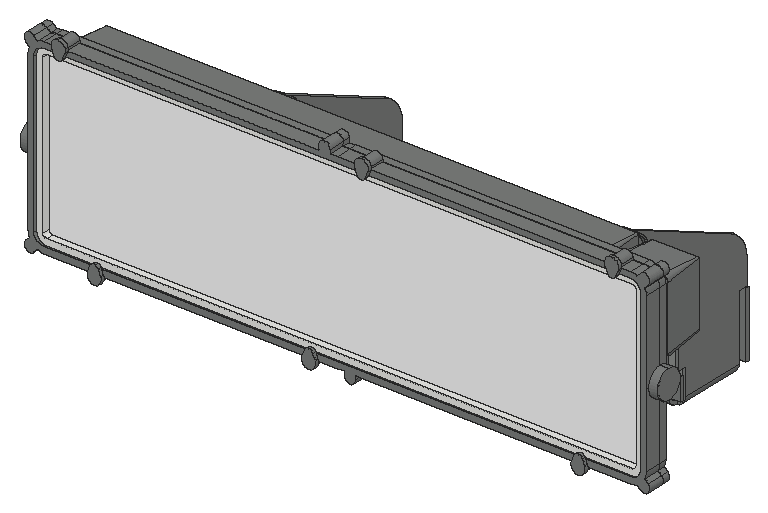
Revit family "Zumtobel ALTIS GEN5 1 Module", category Lighting Fixtures, host Face, Revit 2023 (continued)
Definition of nested family "Thorn ALTIS GEN5 Gearbox-Premium-class C5 with NTC"
  Forms (mm)
    Extrusion 13, solid
      from 38.439 to 18.439
    Extrusion 14, solid
      sketch origin (-960.698, -250, 1219.2) x (-1, 0, 0) y (0, 0, -1)
        loop
          line (-943.698, 1139.256) -> (-931.698, 1132.328) -> (-919.698, 1139.256) -> (-919.698, 1153.112) -> (-931.698, 1160.041) -> (-943.698, 1153.112) -> (-943.698, 1139.256)
      from 29.439 to 13.439
    Revolve 15, solid
      sketch origin (-4.978, -4572, 198.208) x (0, 0, 1) y (0, -1, 0)
        loop
          line (-156.879, -4321.561) -> (-156.879, -4315.561)
          arc (-156.879, -4315.561) -> (-157.172, -4314.854) -> (-157.879, -4314.561) r 1
          line (-157.879, -4314.561) -> (-159.379, -4314.561) -> (-159.379, -4309.061) -> (-167.379, -4309.061) -> (-167.379, -4313.561) -> (-167.379, -4321.561) -> (-156.879, -4321.561)
        loop
          line (-164.379, -4297.561) -> (-158.504, -4297.561) -> (-158.504, -4295.561)
          arc (-158.504, -4295.561) -> (-159.09, -4294.147) -> (-160.504, -4293.561) r 2
          line (-160.504, -4293.561) -> (-164.379, -4293.561) -> (-164.379, -4297.561)
        axis (-167.379, -4321.561) -> (-167.379, -4293.561)
      angle from 0 to 360
    Revolve 16, solid
      sketch origin (-36.098, -4572, 198.208) x (0, 0, 1) y (0, -1, 0)
        loop
          line (-156.879, -4321.561) -> (-156.879, -4315.561)
          arc (-156.879, -4315.561) -> (-157.172, -4314.854) -> (-157.879, -4314.561) r 1
          line (-157.879, -4314.561) -> (-159.379, -4314.561) -> (-159.379, -4309.061) -> (-167.379, -4309.061) -> (-167.379, -4313.561) -> (-167.379, -4321.561) -> (-156.879, -4321.561)
        loop
          line (-164.379, -4297.561) -> (-158.504, -4297.561) -> (-158.504, -4295.561)
          arc (-158.504, -4295.561) -> (-159.09, -4294.147) -> (-160.504, -4293.561) r 2
          line (-160.504, -4293.561) -> (-164.379, -4293.561) -> (-164.379, -4297.561)
        axis (-167.379, -4321.561) -> (-167.379, -4293.561)
      angle from 0 to 360
    Extrusion 17, solid
      sketch origin (-960.698, -250, 1219.2) x (-1, 0, 0) y (0, 0, -1)
        loop
          line (-935.1, 1188.372) -> (-929.85, 1179.279) -> (-919.35, 1179.279) -> (-914.1, 1188.372) -> (-919.35, 1197.465) -> (-929.85, 1197.465) -> (-935.1, 1188.372)
        loop
          line (-966.22, 1188.372) -> (-960.97, 1179.279) -> (-950.47, 1179.279) -> (-945.22, 1188.372) -> (-950.47, 1197.465) -> (-960.97, 1197.465) -> (-966.22, 1188.372)
      from 12.939 to 24.439
    Extrusion 18, solid, material <- "Material Housing"
      sketch origin (-960.698, -250, 1219.2) x (-1, 0, 0) y (0, 0, -1)
        loop
          arc (-930.207, 1201.2) -> (-924.6, 1174.372) -> (-918.993, 1201.2) r 14
          line (-918.993, 1201.2) -> (-930.207, 1201.2)
        loop
          arc (-961.327, 1201.2) -> (-955.72, 1174.372) -> (-950.113, 1201.2) r 14
          line (-950.113, 1201.2) -> (-961.327, 1201.2)
        loop
          arc (-1002.577, 1201.2) -> (-996.97, 1174.372) -> (-991.363, 1201.2) r 14
          line (-991.363, 1201.2) -> (-1002.577, 1201.2)
        loop
          arc (-1002.142, 1199.2) -> (-996.97, 1176.372) -> (-991.798, 1199.2) r 12
          line (-991.798, 1199.2) -> (-1002.142, 1199.2)
      from -7 to 0.439
    Extrusion 19, solid, material <- "Material Housing"
      sketch origin (-960.698, -250, 1219.2) x (-1, 0, 0) y (0, 0, -1)
        loop
          circle (-996.97, 1188.372) r 8
      from 0.439 to -7
  Cuts and joins
    joined: Extrusion 2, Extrusion 3
    Extrusion 5, Extrusion 8 cuts Blend 4
    joined: Blend 4, Extrusion 11, Extrusion 12, Extrusion 18, Extrusion 19
    joined: Extrusion 6, Extrusion 7
  Dimensions and locks
    equal spacing: plane 4, plane 3 "Center (Left/Right)", plane 5
    "Luminaire Width": plane 4 to plane 5
    equal spacing: plane 7, plane 1 "Center (Front/Back)", plane 6
    "Luminaire Length": plane 7 to plane 6
    "Luminaire Height": plane 8 to level
    plane 3 "Center (Left/Right)" to plane 9 = 29 mm
    aligned and locked: plane 2 to Extrusion 1
    aligned and locked: level to Extrusion 1
    aligned and locked: Extrusion 2 sketch curve to plane 6
    aligned and locked: plane 4 to Extrusion 2 sketch curve
    aligned and locked: Extrusion 2 sketch curve to plane 7
    aligned and locked: plane 5 to Extrusion 2 sketch curve
    aligned and locked: plane 8 to Blend 4
  Automatic sketch dimensions
    Extrusion 1 sketch curve to Extrusion 1 sketch curve = 2438.4 mm  (x2)
    plane 7 to Extrusion 2 sketch curve = 0 mm
    Extrusion 2 sketch curve to plane 6 = 0 mm
    plane 4 to Extrusion 2 sketch curve = 10 mm
    Extrusion 2 sketch curve to Extrusion 2 sketch curve = 10 mm
    Extrusion 2 sketch curve to Extrusion 2 sketch curve = 11.5 mm  (x2)
    plane 5 to Extrusion 2 sketch curve = 21.5 mm  (x2)
    plane 5 to Extrusion 2 sketch curve = 10 mm  (x2)
    Extrusion 2 sketch curve to Extrusion 2 sketch curve = 15 mm  (x2)
    Extrusion 3 sketch curve to plane 4 = 0 mm
    Extrusion 3 sketch curve to plane 6 = 0 mm
    plane 7 to Extrusion 3 sketch curve = 0 mm
    Extrusion 3 sketch curve to plane 5 = 0 mm
    Extrusion 3 sketch curve to Extrusion 3 sketch curve = 9.5 mm  (x2)
    Extrusion 3 sketch curve to Extrusion 3 sketch curve = 7 mm  (x4)
    plane 5 to Extrusion 3 sketch curve = 16.5 mm  (x2)
    Extrusion 3 sketch curve to plane 7 = 11.5 mm
    Extrusion 3 sketch curve to Extrusion 3 sketch curve = 11.5 mm
    Extrusion 3 sketch curve to plane 6 = 20 mm  (x2)
    Blend 4 sketch curve to plane 3 "Center (Left/Right)" = 0 mm  (x4)
    Blend 4 sketch curve to plane 7 = 9 mm  (x3)
    Blend 4 sketch curve to plane 9 = 21 mm  (x4)
    Blend 4 sketch curve to plane 6 = 3 mm
    Blend 4 sketch curve to Blend 4 sketch curve = 6 mm  (x4)
    Blend 4 sketch curve to Blend 4 sketch curve = 2.132 mm  (x8)
    Blend 4 sketch curve to Blend 4 sketch curve = 5 mm  (x8)
    Blend 4 sketch curve to Blend 4 sketch curve = 3.868 mm  (x4)
    Blend 4 sketch curve to Blend 4 sketch curve = 1.721 mm  (x10)
    Blend 4 sketch curve to Blend 4 sketch curve = 1.279 mm  (x8)
    Blend 4 sketch curve to Blend 4 sketch curve = 3 mm  (x4)
    Blend 4 sketch curve to Blend 4 sketch curve = 0.721 mm  (x4)
    Blend 4 sketch curve to Blend 4 sketch curve = 3.589 mm  (x4)
    plane 4 to Blend 4 sketch curve = 3 mm
    plane 5 to Blend 4 sketch curve = 25 mm  (x4)
    plane 5 to Blend 4 sketch curve = 3 mm
    Blend 4 sketch curve to Blend 4 sketch curve = 5.881 mm  (x4)
    Blend 4 sketch curve to Blend 4 sketch curve = 3.913 mm  (x8)
    Blend 4 sketch curve to Blend 4 sketch curve = 3.59 mm  (x8)
    Blend 4 sketch curve to Blend 4 sketch curve = 2.513 mm  (x8)
    Blend 4 sketch curve to Blend 4 sketch curve = 29.004 mm  (x4)
    Blend 4 sketch curve to plane 6 = 5 mm
    Blend 4 sketch curve to Blend 4 sketch curve = 4 mm  (x2)
    Blend 4 sketch curve to Blend 4 sketch curve = 2.985 mm  (x4)
    Blend 4 sketch curve to Blend 4 sketch curve = 4.015 mm
    Blend 4 sketch curve to Blend 4 sketch curve = 7 mm  (x3)
    Blend 4 sketch curve to Blend 4 sketch curve = 5.015 mm  (x4)
    Blend 4 sketch curve to Blend 4 sketch curve = 0.574 mm  (x4)
    Blend 4 sketch curve to Blend 4 sketch curve = 1 mm  (x3)
    Blend 4 sketch curve to Blend 4 sketch curve = 1.868 mm  (x4)
    Blend 4 sketch curve to plane 6 = 9 mm
    Blend 4 sketch curve to Blend 4 sketch curve = 0.426 mm
    Extrusion 5 sketch curve to plane 4 = 0 mm
    Extrusion 5 sketch curve to plane 5 = 0 mm
    plane 7 to Extrusion 5 sketch curve = 0 mm
    Extrusion 5 sketch curve to Extrusion 5 sketch curve = 77 mm
    Extrusion 6 sketch curve to plane 3 "Center (Left/Right)" = 0 mm
    Extrusion 6 sketch curve to plane 7 = 4.49 mm
    Extrusion 6 sketch curve to plane 9 = 21 mm
    Extrusion 6 sketch curve to Extrusion 6 sketch curve = 4.51 mm
    Extrusion 6 sketch curve to Extrusion 6 sketch curve = 2.768 mm  (x2)
    Extrusion 6 sketch curve to Extrusion 6 sketch curve = 3.723 mm  (x2)
    Extrusion 6 sketch curve to Extrusion 6 sketch curve = 4.723 mm  (x2)
    Extrusion 6 sketch curve to Extrusion 6 sketch curve = 0.866 mm  (x2)
    Extrusion 6 sketch curve to Extrusion 6 sketch curve = 0.644 mm  (x2)
    Extrusion 6 sketch curve to Extrusion 6 sketch curve = 1.915 mm  (x2)
    Extrusion 6 sketch curve to Extrusion 6 sketch curve = 1.575 mm  (x2)
    Extrusion 6 sketch curve to Extrusion 6 sketch curve = 2.575 mm  (x2)
    Extrusion 6 sketch curve to Extrusion 6 sketch curve = 2.013 mm  (x2)
    plane 4 to Extrusion 6 sketch curve = 4.49 mm
    Extrusion 6 sketch curve to plane 7 = 9 mm
    plane 5 to Extrusion 6 sketch curve = 25 mm
    plane 5 to Extrusion 6 sketch curve = 4.49 mm
    Extrusion 6 sketch curve to Extrusion 6 sketch curve = 5.881 mm  (x2)
    Extrusion 6 sketch curve to Extrusion 6 sketch curve = 3.913 mm  (x2)
    Extrusion 6 sketch curve to Extrusion 6 sketch curve = 3.59 mm  (x2)
    Extrusion 6 sketch curve to Extrusion 6 sketch curve = 2.513 mm  (x2)
    Extrusion 6 sketch curve to Extrusion 6 sketch curve = 38.996 mm
    Extrusion 7 sketch curve to plane 3 "Center (Left/Right)" = 0 mm  (x2)
    Extrusion 7 sketch curve to plane 9 = 10.615 mm
    Extrusion 7 sketch curve to Extrusion 7 sketch curve = 3.536 mm  (x9)
    Extrusion 7 sketch curve to plane 9 = 19.623 mm
    Extrusion 7 sketch curve to Extrusion 7 sketch curve = 9.327 mm  (x4)
    Extrusion 7 sketch curve to Extrusion 7 sketch curve = 0.795 mm  (x2)
    Extrusion 7 sketch curve to Extrusion 7 sketch curve = 10.377 mm  (x4)
    Extrusion 7 sketch curve to Extrusion 7 sketch curve = 0 mm  (x2)
    Extrusion 7 sketch curve to Extrusion 7 sketch curve = 4.33 mm  (x2)
    Extrusion 7 sketch curve to Extrusion 7 sketch curve = 1.464 mm  (x3)
    Extrusion 7 sketch curve to plane 7 = 17 mm
    plane 5 to Extrusion 7 sketch curve = 35.385 mm
    Extrusion 7 sketch curve to plane 7 = 13.464 mm
    plane 5 to Extrusion 7 sketch curve = 26.377 mm
    Extrusion 7 sketch curve to Extrusion 7 sketch curve = 1.036 mm  (x2)
    Extrusion 7 sketch curve to Extrusion 7 sketch curve = 17.421 mm  (x2)
    Extrusion 7 sketch curve to Extrusion 7 sketch curve = 9.375 mm  (x2)
    Extrusion 8 sketch curve to plane 6 = 0 mm
    Extrusion 8 sketch curve to plane 3 "Center (Left/Right)" = 0 mm  (x2)
    Extrusion 8 sketch curve to plane 3 "Center (Left/Right)" = 9.612 mm
    plane 9 to Extrusion 8 sketch curve = 10.084 mm
    Extrusion 8 sketch curve to Extrusion 8 sketch curve = 9.612 mm
    Extrusion 8 sketch curve to Extrusion 8 sketch curve = 18.916 mm
    Extrusion 8 sketch curve to plane 7 = 72 mm
    plane 7 to Revolve 9 sketch curve = 8.439 mm
    Revolve 9 sketch curve to plane 8 = 46.984 mm
    Revolve 9 sketch curve to Revolve 9 sketch curve = 3 mm
    Revolve 9 sketch curve to Revolve 9 sketch curve = 5 mm  (x2)
    Revolve 9 sketch curve to Revolve 9 sketch curve = 4 mm  (x2)
    Revolve 9 sketch curve to Revolve 9 sketch curve = 14 mm
    Revolve 9 sketch curve to Revolve 9 sketch curve = 2 mm  (x3)
    Revolve 9 sketch curve to plane 7 = 2.561 mm
    plane 7 to Revolve 9 sketch curve = 3.439 mm
    Revolve 9 sketch curve to Revolve 9 sketch curve = 16 mm
    Revolve 9 sketch curve to Revolve 9 sketch curve = 0 mm
    Revolve 9 sketch curve to Revolve 9 sketch curve = 68 mm
    Revolve 10 sketch curve to plane 7 = 8.439 mm  (x2)
    plane 8 to Revolve 10 sketch curve = 51.984 mm  (x2)
    Revolve 10 sketch curve to Revolve 10 sketch curve = 6 mm
    Revolve 10 sketch curve to Revolve 10 sketch curve = 7 mm
    Revolve 10 sketch curve to Revolve 10 sketch curve = 3 mm
    Revolve 10 sketch curve to Revolve 10 sketch curve = 16 mm
    Revolve 10 sketch curve to Revolve 10 sketch curve = 1 mm
    Revolve 10 sketch curve to Revolve 10 sketch curve = 2 mm  (x3)
    plane 7 to Revolve 10 sketch curve = 2.561 mm
    Revolve 10 sketch curve to Revolve 10 sketch curve = 10 mm
    Revolve 10 sketch curve to Revolve 10 sketch curve = 20 mm
    Revolve 10 sketch curve to Revolve 10 sketch curve = 4 mm
    Revolve 10 sketch curve to Revolve 10 sketch curve = 59 mm
    Extrusion 11 sketch curve to Extrusion 11 sketch curve = 0 mm  (x2)
    Extrusion 11 sketch curve to plane 3 "Center (Left/Right)" = 23.375 mm
    plane 8 to Extrusion 11 sketch curve = 51.984 mm
    Extrusion 11 sketch curve to Extrusion 11 sketch curve = 25 mm
    Extrusion 12 sketch curve to Extrusion 12 sketch curve = 0 mm  (x2)
    Extrusion 12 sketch curve to plane 9 = 0 mm
    plane 8 to Extrusion 12 sketch curve = 46.984 mm
    Extrusion 12 sketch curve to Extrusion 12 sketch curve = 20 mm
    Extrusion 13 sketch curve to plane 5 = 31.625 mm
    Extrusion 13 sketch curve to Extrusion 13 sketch curve = 10 mm  (x2)
    Extrusion 13 sketch curve to plane 3 "Center (Left/Right)" = 13.375 mm  (x2)
    Extrusion 13 sketch curve to plane 3 "Center (Left/Right)" = 3.375 mm
    Extrusion 13 sketch curve to level = 50.695 mm
    Extrusion 13 sketch curve to Extrusion 13 sketch curve = 17.321 mm  (x3)
    plane 7 to Revolve 15 sketch curve = 8.439 mm
    level to Revolve 15 sketch curve = 30.828 mm
    Revolve 15 sketch curve to Revolve 15 sketch curve = 3 mm
    Revolve 15 sketch curve to Revolve 15 sketch curve = 3.875 mm
    Revolve 15 sketch curve to Revolve 15 sketch curve = 8 mm
    Revolve 15 sketch curve to Revolve 15 sketch curve = 2 mm  (x2)
    Revolve 15 sketch curve to Revolve 15 sketch curve = 1.5 mm
    Revolve 15 sketch curve to Revolve 15 sketch curve = 1 mm
    plane 7 to Revolve 15 sketch curve = 7.439 mm
    plane 7 to Revolve 15 sketch curve = 0.439 mm
    Revolve 15 sketch curve to Revolve 15 sketch curve = 4.5 mm
    Revolve 15 sketch curve to Revolve 15 sketch curve = 11.5 mm
    Revolve 15 sketch curve to Revolve 15 sketch curve = 0 mm
    Revolve 15 sketch curve to plane 7 = 6.561 mm
    Revolve 15 sketch curve to Revolve 15 sketch curve = 75 mm
    plane 7 to Revolve 16 sketch curve = 8.439 mm
    level to Revolve 16 sketch curve = 30.828 mm
    Revolve 16 sketch curve to Revolve 16 sketch curve = 3 mm
    Revolve 16 sketch curve to Revolve 16 sketch curve = 3.875 mm
    Revolve 16 sketch curve to Revolve 16 sketch curve = 8 mm
    Revolve 16 sketch curve to Revolve 16 sketch curve = 2 mm  (x2)
    Revolve 16 sketch curve to Revolve 16 sketch curve = 1.5 mm
    Revolve 16 sketch curve to Revolve 16 sketch curve = 1 mm
    plane 7 to Revolve 16 sketch curve = 7.439 mm
    plane 7 to Revolve 16 sketch curve = 0.439 mm
    Revolve 16 sketch curve to Revolve 16 sketch curve = 4.5 mm
    Revolve 16 sketch curve to Revolve 16 sketch curve = 11.5 mm
    Revolve 16 sketch curve to Revolve 16 sketch curve = 0 mm
    Revolve 16 sketch curve to plane 7 = 6.561 mm
    Revolve 16 sketch curve to Revolve 16 sketch curve = 75 mm
    Extrusion 17 sketch curve to plane 3 "Center (Left/Right)" = 5.522 mm
    Extrusion 17 sketch curve to plane 3 "Center (Left/Right)" = 0.272 mm  (x2)
    Extrusion 17 sketch curve to plane 9 = 3.402 mm
    plane 9 to Extrusion 17 sketch curve = 1.848 mm  (x2)
    Extrusion 17 sketch curve to level = 21.735 mm  (x2)
    plane 3 "Center (Left/Right)" to Extrusion 17 sketch curve = 10.228 mm  (x2)
    Extrusion 17 sketch curve to Extrusion 17 sketch curve = 10.12 mm
    Extrusion 17 sketch curve to Extrusion 17 sketch curve = 0 mm
    Extrusion 17 sketch curve to Extrusion 17 sketch curve = 9.093 mm  (x5)
    Extrusion 17 sketch curve to Extrusion 17 sketch curve = 10.5 mm  (x2)
    Extrusion 17 sketch curve to Extrusion 17 sketch curve = 5.25 mm
    Extrusion 18 sketch curve to plane 3 "Center (Left/Right)" = 0.629 mm
    plane 3 "Center (Left/Right)" to Extrusion 18 sketch curve = 4.978 mm
    plane 9 to Extrusion 18 sketch curve = 1.491 mm
    plane 9 to Extrusion 18 sketch curve = 7.098 mm
    Extrusion 18 sketch curve to level = 18 mm  (x2)
    Extrusion 18 sketch curve to Extrusion 18 sketch curve = 12.828 mm  (x3)
    Extrusion 18 sketch curve to level = 30.828 mm
    Extrusion 18 sketch curve to Extrusion 18 sketch curve = 5.607 mm
    Extrusion 18 sketch curve to Extrusion 18 sketch curve = 0 mm  (x2)
    Extrusion 18 sketch curve to plane 5 = 33.556 mm
    Extrusion 18 sketch curve to Extrusion 18 sketch curve = 0.435 mm
    Extrusion 18 sketch curve to Extrusion 18 sketch curve = 2 mm
    Extrusion 19 sketch curve to plane 3 "Center (Left/Right)" = 36.272 mm
    Extrusion 19 sketch curve to level = 30.828 mm
    radius of Extrusion 19 sketch curve = 8 mm
  Connectors
    electrical at (0, 0, 0), driven by "Apparent Load", driven by "Power Factor"
      settings: index 1, voltage 220 V, apparent load 1368 VA, apparent load phase1 0 VA, apparent load phase2 0 VA, apparent load phase3 0 VA, power factor 1, load classification none, number of poles 1, system type 30, power factor state 1, is connector primary yes, connector utility no, sub classification motor no, connector description ""
Types (20, lengths in mm): name | Wattage | URL | Type Image | Type Gearbox | RGB Light Colours | Model | Apparent Load | 1 Module Standalone | 1 Module
  ALG5 144L105-740 PST A6 ANT | 457 W | "https://www.thornlighting.com/96671918" | TLG_ALT5_F_V1_FIFA.jpg | Thorn ALTIS GEN5 Gearbox-Premium-class C5 with NTC : ALG5 GB 1368W 0.70A 565V 2CH DA | no | "96671918" | 457 VA | no | yes
  ALG5 144L125-740 PST A6 ANT | 548 W | "https://www.thornlighting.com/96671917" | TLG_ALT5_F_V1_FIFA.jpg | Thorn ALTIS GEN5 Gearbox-Premium-class C5 with NTC : ALG5 GB 1368W 1.40A 565V 2CH DA | no | "96671917" | 548 VA | no | yes
  ALG5 144L140-740 PST A6 ANT | 614 W | "https://www.thornlighting.com/96670255" | TLG_ALT5_F_V1_FIFA.jpg | Thorn ALTIS GEN5 Gearbox-Premium-class C5 with NTC : ALG5 GB 1368W 1.40A 565V 2CH DA | no | "96670255" | 614 VA | no | yes
  ALG5 144L70-740 PST A6 ANT | 298 W | "https://www.thornlighting.com/96671920" | TLG_ALT5_F_V1_FIFA.jpg | Thorn ALTIS GEN5 Gearbox-Premium-class C5 with NTC : ALG5 GB 1368W 1.40A 565V 2CH DA | no | "96671920" | 298 VA | no | yes
  ALG5 144L85-740 PST A6 ANT | 366 W | "https://www.thornlighting.com/96671919" | TLG_ALT5_F_V1_FIFA.jpg | Thorn ALTIS GEN5 Gearbox-Premium-class C5 with NTC : ALG5 GB 1368W 1.40A 565V 2CH DA | no | "96671919" | 366 VA | no | yes
  ALG5 168L105-740 PST NB ANT | 530 W | "https://www.thornlighting.com/96671921" | TLG_ALT5_F_V1_FIFA.jpg | Thorn ALTIS GEN5 Gearbox-Premium-class C5 with NTC : ALG5 GB 1368W 1.40A 565V 2CH DA | no | "96671921" | 530 VA | no | yes
  ALG5 168L125-740 PST NB ANT | 636 W | "https://www.thornlighting.com/96670818" | TLG_ALT5_F_V1_FIFA.jpg | Thorn ALTIS GEN5 Gearbox-Premium-class C5 with NTC : ALG5 GB 1368W 1.40A 565V 2CH DA | no | "96670818" | 636 VA | no | yes
  ALG5 168L70-740 PST NB ANT | 346 W | "https://www.thornlighting.com/96671923" | TLG_ALT5_F_V1_FIFA.jpg | Thorn ALTIS GEN5 Gearbox-Premium-class C5 with NTC : ALG5 GB 1368W 1.40A 565V 2CH DA | no | "96671923" | 346 VA | no | yes
  ALG5 168L85-740 PST NB ANT | 425 W | "https://www.thornlighting.com/96671922" | TLG_ALT5_F_V1_FIFA.jpg | Thorn ALTIS GEN5 Gearbox-Premium-class C5 with NTC : ALG5 GB 1368W 1.40A 565V 2CH DA | no | "96671922" | 425 VA | no | yes
  ALG5 LE 144L105-740 PST A6 ANT | 457 W | "https://www.thornlighting.com/96800072" | TLG_ALT5_F_V1_FIFA.jpg | Thorn ALTIS GEN5 Gearbox-Premium-class C5 with NTC : ALG5 GB 1368W 1.40A 565V 2CH DA | no | "96800072" | 457 VA | no | yes
  ALG5 LE 144L125-740 PST A6 ANT | 548 W | "https://www.thornlighting.com/96800071" | TLG_ALT5_F_V1_FIFA.jpg | Thorn ALTIS GEN5 Gearbox-Premium-class C5 with NTC : ALG5 GB 1368W 1.40A 565V 2CH DA | no | "96800071" | 548 VA | no | yes
  ALG5 LE 144L140-740 PST A6 ANT | 614 W | "https://www.thornlighting.com/96800070" | TLG_ALT5_F_V1_FIFA.jpg | Thorn ALTIS GEN5 Gearbox-Premium-class C5 with NTC : ALG5 GB 1368W 1.40A 565V 2CH DA | no | "96800070" | 614 VA | no | yes
  ALG5 LE 144L85-740 PST A6 ANT | 366 W | "https://www.thornlighting.com/96800073" | TLG_ALT5_F_V1_FIFA.jpg | Thorn ALTIS GEN5 Gearbox-Premium-class C5 with NTC : ALG5 GB 1368W 1.40A 565V 2CH DA | no | "96800073" | 366 VA | no | yes
  ALG5 LE 168L105-740 PST NB ANT | 530 W | "https://www.thornlighting.com/96800075" | TLG_ALT5_F_V1_FIFA.jpg | Thorn ALTIS GEN5 Gearbox-Premium-class C5 with NTC : ALG5 GB 1368W 1.40A 565V 2CH DA | no | "96800075" | 530 VA | no | yes
  ALG5 LE 168L125-740 PST NB ANT | 636 W | "https://www.thornlighting.com/96800074" | TLG_ALT5_F_V1_FIFA.jpg | Thorn ALTIS GEN5 Gearbox-Premium-class C5 with NTC : ALG5 GB 1368W 1.40A 565V 2CH DA | no | "96800074" | 636 VA | no | yes
  ALG5 LE 168L85-740 PST NB ANT | 425 W | "https://www.thornlighting.com/96800076" | TLG_ALT5_F_V1_FIFA.jpg | Thorn ALTIS GEN5 Gearbox-Premium-class C5 with NTC : ALG5 GB 1368W 1.40A 565V 2CH DA | no | "96800076" | 425 VA | no | yes
  ALG5 SA 144L105-740 PST A6 HFX ANT | 466 W | "https://www.thornlighting.com/96800368" | TLG_ALT5_F_V1_ANT_DRIVER_BACK_VIEW.jpg | Thorn ALTIS GEN5 Gearbox-Premium-class C5 with NTC : ALG5 GB 1368W 1.40A 565V 2CH DA | no | "96800368" | 466 VA | yes | no
  ALG5 SA 144L120-740 PST A6 HFX ANT | 537 W | "https://www.thornlighting.com/96800367" | TLG_ALT5_F_V1_ANT_DRIVER_BACK_VIEW.jpg | Thorn ALTIS GEN5 Gearbox-Premium-class C5 with NTC : ALG5 GB 1368W 1.40A 565V 2CH DA | no | "96800367" | 537 VA | yes | no
  ALG5 SA 144L85-740 PST A6 HFX ANT | 371 W | "https://www.thornlighting.com/96800369" | TLG_ALT5_F_V1_ANT_DRIVER_BACK_VIEW.jpg | Thorn ALTIS GEN5 Gearbox-Premium-class C5 with NTC : ALG5 GB 1368W 1.40A 565V 2CH DA | no | "96800369" | 371 VA | yes | no
  ALG5 RGBW 132L85 B PAR NB ANT IN | 340.6 W | "https://www.thornlighting.com/96685674" | TLG_ALT5_F_V1_ANT_RGBW.jpg | Thorn ALTIS GEN5 Gearbox-Premium-class C5 with NTC : ALG5 GB 1368W 1.40A 565V 2CH DA | yes | "96685674" | 340.6 VA | no | yes
